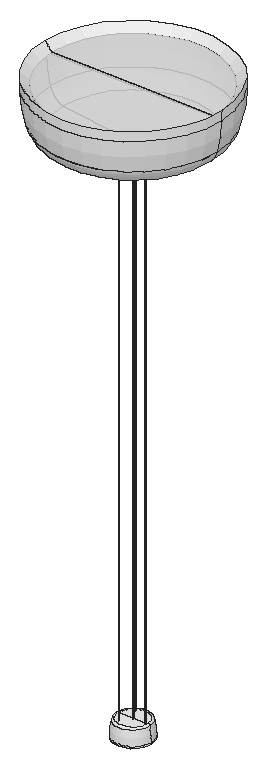
Revit family "3097938 Lighting Fixture_Sylvania_Nephos LED_Ceiling Pendant", category Lighting Fixtures, host Face, Revit 2017
Family settings
  Host = Face
  Round Connector Dimension = Use Diameter
  Part Type = Normal
  OmniClass Number = 23.80.70.11.17
  OmniClass Title = Specialized Lighting by Location or Use
  Cut with Voids When Loaded = No
  Light Source = Yes
  Shared = No
  Room Calculation Point = No
Parameters (values of type "NEPHOS 600 LED V2 GLOSS WHITE NW DALI")
  Rod Length = Mounting Height - Height - 57.0 mm  # 1743.0 mm
  Radius = 300.0 mm
  Mounting Material = Steel_Sylvania_Nephos_Silver
  Mounting Height = 2000.0 mm
  Mounting Radius = 62.0 mm  # constant formula
  Life = "50 000h"  # constant formula
  LOR = "100%"
  IP Rating = "IP20"  # constant formula
  Weight = 4.97 kg
  Wattage = 41.7059 W
  built-in parameter 1150110 = 1 (stored number, unit not read)
  Voltage Comments = "UNV (Universal Voltage; 220-240 Volt)"  # constant formula
  Voltage = 230 V  # constant formula
  URL = "http://www.sylvania-lighting.com"
  built-in parameter 1114217 = 1 (stored number, unit not read)
  Tilt Angle = -90°
  built-in parameter 1150109 = 1 (stored number, unit not read)
  built-in parameter 1150134 = 12
  built-in parameter 1150113 = 1 (stored number, unit not read)
  Product Page URL = "http://www.sylvania-lighting.com/product/en-int/products/3097938"
  Product Family = "NEPHOS"  # constant formula
  Photometry Comments = ""
  Photometric Web File = "3097938_NEPHOS600LEDV2GLOSSWHITENWDALI-209158.ies"
  Height = 200.0 mm
  Glow Wire Test = 650 °C
  Emit from Circle Diameter = Diameter - 10.0 mm  # 590.0 mm
  Emit Shape Visible in Rendering = no
  Electrical Protection = "Class I"  # constant formula
  Drive Current = "700mA"  # constant formula
  Diffuser Radius = Radius - 5.0 mm  # 295.0 mm
  Diffuser Material = Polycarbonate_Sylvania_Nephos_Opal
  Diameter = 2 * Radius  # 600.0 mm
  built-in parameter 1114216 [instance] = 1 (stored number, unit not read)
  Model = "NEPHOS 600 LED V2 GLOSS WHITE NW DALI"
  Manufacturer = "Feilo Sylvania"
  built-in parameter 1150105 = 759.69 (stored number, unit not read)
  Lumens = 2127 lm
  built-in parameter 1150115 = 1 (stored number, unit not read)
  built-in parameter 1150137 = (empty or 0)
  built-in parameter 1150139 = (empty or 0)
  built-in parameter 1150112 = 1 (stored number, unit not read)
  built-in parameter 1150114 = 1 (stored number, unit not read)
  Lamp = "Integrated LED"
  built-in parameter 1150132 = 2
  built-in parameter 1150102 = (empty or 0)
  built-in parameter 1150107 = 4000 (stored number, unit not read)
  built-in parameter 1150138 = (empty or 0)
  built-in parameter 1150106 = 7.5969 (stored number, unit not read)
  CRI ( Ra ) = 85  # constant formula
  Body Material = Aluminium_Sylvania_Nephos_White
  built-in parameter 1150104 = 4.7381 (stored number, unit not read)
  Dimming Lamp Color Temperature Shift = <None>
  Description = "High-end and decorative LED pendant with a contemporary curved design. Available in gloss black and gloss white colour finishes to suit either a high brightness reception, or an ambient lounge space. Diffused (direct) light provides a soft and ambient lighting effect. Perfect for hospitality and residential applications; can be used in restaurants, bars, reception areas or lounge spaces. Aluminium housing material. 600mm diameter. Delivers up to 1340lm (4000K luminaire lumen output). Available in 3000K and 4000K colour temperatures. DALI dimmable options. 25W. LED technology provides energy efficient solution and reduced maintenance costs. 50,000 hour life. Adjustable 2000mm suspension cable"  # constant formula
  Default Elevation = 0.0 mm
  Color Filter = 16777215
  Catalog Number = "3097938 NEPHOS 600 LED V2 GLOSS WHITE NW DALI"
  built-in parameter 1140040 [instance] = 1
  built-in parameter 1114218 = 1 (stored number, unit not read)
  built-in parameter 1150133 = 10 (stored number, unit not read)
  Assembly Code = "D5020200"
  Apparent Load Comments = ""
  Apparent Load = 24 VA
Reference planes
  plane 1 "Center (Front/Back)": y = 0
  plane 2: z = 0
  plane 3 "Center (Left/Right)": x = 0
  plane 4 "Mounting Bottom": z = 57
  plane 5: z = 1800
  plane 6 "Fixture Bottom": z = 2000
  plane 7 "Diffuser Plane": z = 1975
  plane 8: z = 1820
  plane 9: z = 1870
  plane 10: z = 1970
  plane 11: z = 47
Forms (mm)
  Revolve 1, solid, material "Aluminium_Sylvania_Nephos_White" <- "Body Material", detail levels fine
    sketch origin (0, 0, 0) x (1, 0, 0) y (0, 0, 1)
      loop
        line (-300, 2000) -> (-300, 1970)
        arc (-300, 1970) -> (-296.229, 1919.441) -> (-285, 1870) r 340.833
        arc (-285, 1870) -> (-268.025, 1840.027) -> (-240, 1820) r 79.807
        arc (-240, 1820) -> (-135.475, 1805.011) -> (-30, 1800) r 1112.5
        line (-30, 1800) -> (0, 1800) -> (0, 1805) -> (-30, 1805)
        arc (-30, 1805) -> (-134.731, 1809.963) -> (-238.523, 1824.808) r 1107.5
        arc (-238.523, 1824.808) -> (-264.485, 1843.568) -> (-280.22, 1871.467) r 74.807
        arc (-280.22, 1871.467) -> (-291.284, 1920.182) -> (-295, 1970) r 335.833
        line (-295, 1970) -> (-295, 1975) -> (-275, 1975) -> (-300, 2000)
      axis (0, 2000) -> (0, 1800)
    angle from 0 to 360
  Revolve 2, solid, material "Polycarbonate_Sylvania_Nephos_Opal" <- "Diffuser Material", detail levels fine
    sketch origin (0, 0, 0) x (1, 0, 0) y (0, 0, 1)
      loop
        line (0, 1975) -> (-295, 1975) -> (-295, 1970) -> (0, 1970) -> (0, 1975)
      axis (0, 1975) -> (0, 1970)
    angle from 0 to 360
  Revolve 3, solid, material "Aluminium_Sylvania_Nephos_White" <- "Body Material", detail levels fine
    sketch origin (0, 0, 0) x (1, 0, 0) y (0, 0, 1)
      loop
        line (0, 57) -> (-50.541, 57)
        arc (-50.541, 57) -> (-54.527, 55.484) -> (-56.499, 51.702) r 6
        arc (-56.499, 51.702) -> (-60.62, 28.512) -> (-62, 5) r 201.008
        line (-62, 5) -> (-62, 0) -> (0, 0) -> (0, 57)
      axis (0, 57) -> (0, 0)
    angle from 0 to 360
  Extrusion 4, solid, material "Aluminium_Sylvania_Nephos_White" <- "Body Material", detail levels fine
    sketch origin (0, 0, 0) x (1, 0, 0) y (0, 1, 0)
      loop
        circle (0, 0) r 2
    from 57 to 1800
  Revolve 5, solid, material "Aluminium_Sylvania_Nephos_White" <- "Body Material", detail levels coarse+medium
    sketch origin (0, 0, 0) x (1, 0, 0) y (0, 0, 1)
      loop
        line (-300, 2000) -> (-300, 1970)
        arc (-300, 1970) -> (-296.229, 1919.441) -> (-285, 1870) r 340.833
        arc (-285, 1870) -> (-268.025, 1840.027) -> (-240, 1820) r 79.807
        arc (-240, 1820) -> (-135.475, 1805.011) -> (-30, 1800) r 1112.5
        line (-30, 1800) -> (0, 1800) -> (0, 2000) -> (-300, 2000)
      axis (0, 2000) -> (0, 1800)
    angle from 0 to 360
Lines and regions (mm)
  model lines
    curve 1: line (0, 0, 1800) -> (0, 0, 0)
Dimensions and locks
  locked: plane 4 "Mounting Bottom" to plane 2 at 57
  "Radius": plane 3 "Center (Left/Right)" to Revolve 1 sketch curve
  locked: Revolve 1 sketch curve to Revolve 1 sketch curve at 25
  locked: Revolve 1 sketch curve to Revolve 1 sketch curve at 15
  locked: Revolve 1 sketch curve to Revolve 1 sketch curve at 60
  "Diffuser Radius": plane 3 "Center (Left/Right)" to Revolve 2 sketch curve
  "Mounting Height": plane 6 "Fixture Bottom" to plane 2
  "Mounting Radius": plane 3 "Center (Left/Right)" to Revolve 3 sketch curve
  Revolve 3 sketch curve to Revolve 3 sketch curve to Revolve 3 sketch curve = 5.959 mm locked, 5.501 mm locked
  locked: Revolve 3 sketch curve to Revolve 3 sketch curve at 5.298
  locked: plane 4 "Mounting Bottom" to plane 11 at 10
  locked: Revolve 1 sketch curve to Revolve 1 sketch curve at 270
  locked: Revolve 5 sketch curve to Revolve 5 sketch curve at 15
  locked: Revolve 5 sketch curve to Revolve 5 sketch curve at 60
  locked: Revolve 5 sketch curve to Revolve 5 sketch curve at 270
  "Radius": plane 3 "Center (Left/Right)" to Revolve 5 sketch curve
  "Height": plane 6 "Fixture Bottom" to plane 5
  locked: plane 6 "Fixture Bottom" to plane 7 "Diffuser Plane" at 25
  plane 10 to plane 9 to plane 8 to plane 5 = 100.0 mm locked, 50.0 mm locked, 20.0 mm locked
  aligned and locked: plane 2 to host face
  aligned and locked: level to host face
  aligned and locked: plane 1 "Center (Front/Back)" to imposter light
  aligned and locked: plane 3 "Center (Left/Right)" to imposter light
  aligned and locked: Revolve 1 sketch curve to plane 3 "Center (Left/Right)"
  aligned and locked: plane 7 "Diffuser Plane" to Revolve 2 sketch curve
  aligned and locked: Revolve 2 sketch curve to plane 10
  aligned and locked: Revolve 2 sketch curve to plane 3 "Center (Left/Right)"
  aligned and locked: plane 4 "Mounting Bottom" to Revolve 3 sketch curve
  aligned and locked: Revolve 3 sketch curve to plane 3 "Center (Left/Right)"  (x2)
  aligned and locked: Extrusion 4 to plane 4 "Mounting Bottom"
  aligned and locked: plane 5 to Extrusion 4
  aligned and locked: plane 6 "Fixture Bottom" to imposter light
  aligned and locked: plane 5 to nested 1  (x2)
  aligned and locked: nested 1 to plane 1 "Center (Front/Back)"
  aligned and locked: nested 1 to plane 5
  aligned and locked: plane 5 to nested 2
  aligned and locked: plane 5 to nested 3
  aligned and locked: Revolve 5 sketch curve to plane 6 "Fixture Bottom"
  aligned and locked: plane 2 to curve 1
  aligned and locked: plane 5 to curve 1
  aligned and locked: curve 1 to plane 3 "Center (Left/Right)"
Automatic sketch dimensions
  host sketch curve to host sketch curve = 1305.563 mm
  host sketch curve to host sketch curve = 1283.632 mm
  plane 1 "Center (Front/Back)" to Extrusion 4 sketch curve = 0.0 mm
  Extrusion 4 sketch curve to plane 3 "Center (Left/Right)" = 0.0 mm
  Revolve 1 sketch curve to Revolve 1 sketch curve = 0.0 mm  (x7)
  Revolve 1 sketch curve to plane 7 "Diffuser Plane" = 0.0 mm
  Revolve 1 sketch curve to plane 10 = 0.0 mm
  Revolve 1 sketch curve to plane 9 = 0.0 mm  (x2)
  Revolve 1 sketch curve to plane 3 "Center (Left/Right)" = 0.0 mm
  Revolve 1 sketch curve to plane 5 = 0.0 mm
  Revolve 1 sketch curve to plane 8 = 0.0 mm
  Revolve 1 sketch curve to plane 6 "Fixture Bottom" = 0.0 mm
  Revolve 1 sketch curve to Revolve 1 sketch curve = 5.0 mm
  plane 5 to Revolve 1 sketch curve = 5.0 mm
  Revolve 1 sketch curve to Revolve 1 sketch curve = 135.894 mm
  Revolve 1 sketch curve to Revolve 1 sketch curve = 84.106 mm
  Revolve 2 sketch curve to plane 3 "Center (Left/Right)" = 0.0 mm
  plane 9 to Revolve 2 sketch curve = 25.416 mm
  plane 6 "Fixture Bottom" to Revolve 2 sketch curve = 55.416 mm
  Revolve 3 sketch curve to level = 0.0 mm
  level to Revolve 3 sketch curve = 5.0 mm
  Revolve 3 sketch curve to Revolve 3 sketch curve = 34.616 mm
  Revolve 3 sketch curve to Revolve 3 sketch curve = 68.384 mm
  Revolve 5 sketch curve to plane 9 = 0.0 mm  (x2)
  Revolve 5 sketch curve to plane 3 "Center (Left/Right)" = 0.0 mm  (x2)
  Revolve 5 sketch curve to plane 10 = 0.0 mm
  Revolve 5 sketch curve to plane 5 = 0.0 mm
  Revolve 5 sketch curve to plane 8 = 0.0 mm
  Revolve 5 sketch curve to plane 5 = 135.894 mm
  Revolve 5 sketch curve to Revolve 5 sketch curve = 84.106 mm
  radius of Extrusion 4 sketch curve = 2.0 mm
Nested families
  nested 1: "Mounting" at (41.499, 0, 1800) x (1, 0, 0) z (0, 0, -1), type "Mounting"
    with Rod Length 1743.0 mm
  nested 2: "Mounting" at (-20.75, 35.94, 1800) x (-0.5, 0.866, 0) z (0, 0, -1), type "Mounting"
    with Rod Length 1743.0 mm
  nested 3: "Mounting" at (-20.75, -35.94, 1800) x (-0.5, -0.866, 0) z (0, 0, -1), type "Mounting"
    with Rod Length 1743.0 mm
Connectors
  electrical at (0, 0, 0), driven by "Voltage", driven by "Apparent Load"
    settings: on Revolve 3, index 1, voltage 230 V, apparent load 0 VA, apparent load phase1 24 VA, apparent load phase2 0 VA, apparent load phase3 0 VA, power factor 1, load classification "Lighting", number of poles 1, system type 31, power factor state 1, is connector primary yes, connector utility no, sub classification motor no, connector description ""
Definition of nested family "Mounting"
  Parameters
    Rod Length = 1243.0 mm
    Mounting Material = none
    Default Elevation = 0.0 mm
  Reference planes
    plane 1 "Center (Front/Back)": y = 0
    plane 2: z = 0
    plane 3 "Center (Left/Right)": x = 0
    plane 4: y = 0
    plane 5: z = 1243
    plane 6: z = 6
  Forms (mm)
    Extrusion 1, solid, material <- "Mounting Material", detail levels fine
      sketch origin (0, 0, 0) x (1, 0, 0) y (0, 1, 0)
        loop
          circle (0, 0) r 0.5
      from 6 to 1243
    Extrusion 2, solid, material <- "Mounting Material", detail levels fine
      sketch origin (0, 0, 0) x (1, 0, 0) y (0, 1, 0)
        loop
          circle (0, 0) r 1.5
      from 0 to 6
  Dimensions and locks
    locked: plane 6 to plane 2 at 6
    "Rod Length": plane 5 to plane 2
    aligned and locked: level to plane 2
    aligned and locked: plane 5 to Extrusion 1
    aligned and locked: plane 6 to Extrusion 2
    aligned and locked: Extrusion 2 to plane 2
    aligned and locked: Extrusion 1 to plane 6
    aligned and locked: plane 1 "Center (Front/Back)" to plane 4
  Automatic sketch dimensions
    Extrusion 1 sketch curve to plane 3 "Center (Left/Right)" = 0.0 mm
    plane 4 to Extrusion 1 sketch curve = 0.0 mm
    Extrusion 2 sketch curve to plane 3 "Center (Left/Right)" = 0.0 mm
    plane 4 to Extrusion 2 sketch curve = 0.0 mm
    radius of Extrusion 1 sketch curve = 0.5 mm
    radius of Extrusion 2 sketch curve = 1.5 mm
